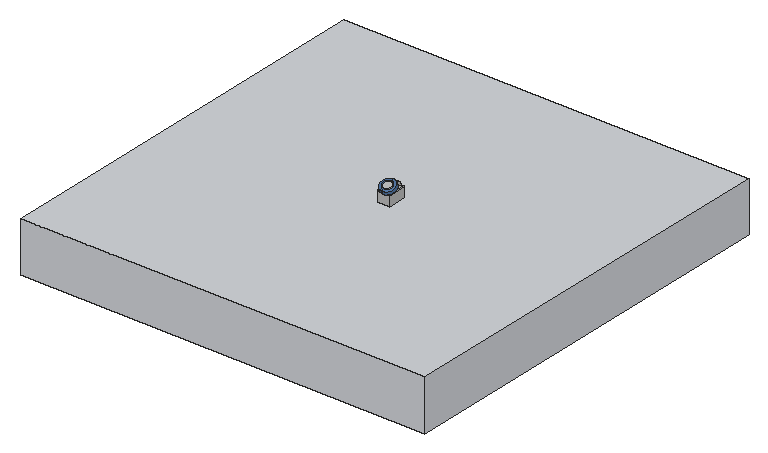
Revit family "LEGRAND_NON INTERLOCKED SOCKETS_SURFACE MOUNTED_IP66_230", category Installations électriques, Revit 2018
Family settings
  Hôte = Face
  Conserver l'orientation des annotations = Non
  Cote de connecteur circulaire = Utiliser le diamètre
  Type d'élément = Normal
  Couper avec des vides une fois chargée = Non
  Partagée = Non
  Point de calcul de pièce = Non
Parameters (values of type "panel mounting socket Hypra   IP66/67-55   16 A   200/250 V   3P+E   plast surface mounting")
  width mm = 74 mm
  vertical fixing distance mm = 70 mm
  resistance to chocks IK = "09"
  protection class IP = "IP66/67-55"
  material of box = "plastic"
  intensity A = 16 A
  horizontal fixing distance mm = 60 mm
  height mm = 106 mm
  halogen free = no
  h1 = 0.6 * height mm  # 63.6 mm
  depth mm = 106 mm
  depth for flush mounting mm = 58 mm
  dIA = Dia bouchon / 1.62  # 55.556 mm
  connecting type = "screw terminals"
  characteristic color = "blue"
  Tension V = "230 V  50/60 Hz blue"
  Standard IEC or NFC = "IEC"
  Ray = dIA / 2  # 27.778 mm
  RAY BOUCHON = Dia bouchon / 2  # 45 mm
  Position of earth h = 6
  Number of poles = 6
  Modèle = "051127"
  Minimum use temperature = "-50°C"
  Minimum installation temperature = "-20°C"
  Maximum use temperature = "100°C"
  Maximum installation temperature = "40°C"
  L2 = 45 mm  # constant formula
  General Conditions of Use = "https://export.legrand.com/en/terms-of-use-BIM-objects"
  Flush E or Surface mounting S = "flush and surface mounting"
  Fabricant = "Legrand"  # constant formula
  Elévation par défaut = 1000 mm
  Dia bouchon = 90 mm  # constant formula
  Description = "international standard socket for flush or surface mounting with accessory allows the connection of power devices"
Types (10, lengths in mm): name | width mm | vertical fixing distance mm | intensity A | horizontal fixing distance mm | height mm | h1 | depth mm | depth for flush mounting mm | Position of earth h | Number of poles | Modèle
  panel mounting socket Hypra   IP66/67-55   16 A   200/250 V   2P+E   plast surface mounting | 74 | 60 | 16 A | 52 | 106 | 63.6 | 115 | 58 | 6 | 3 | "051126"
  panel mounting socket Hypra   IP66/67-55   16 A   200/250 V   3P+E   plast surface mounting | 74 | 70 | 16 A | 60 | 106 | 63.6 | 106 | 58 | 6 | 6 | "051127"
  panel mounting socket single fixing center Hypra  IP66/67-55  32 A   200/250 V   2P+E   plast surface box for passage wiring | 102 | 70 | 32 A | 70 | 162 | 97.2 | 150 | 90 | 6 | 3 | "053046"
  panel mounting socket single fixing center Hypra  IP66/67-55  32 A   230 V   3P+E   plast surface box for passage wiring | 102 | 70 | 32 A | 70 | 162 | 97.2 | 160 | 90 | 9 | 4 | "053047"
  panel mounting socket Hypra  IP 66/67-55   63A   200/250 V   2P+E   plast surface box for passage wiring | 170 | 85 | 63 A | 77 | 300 | 180 | 215 | 150 | 6 | 3 | "059326"
  panel mounting socket Hypra  IP 66/67-55  63 A    230 V   3P+E   plast surface box for passage wiring | 170 | 85 | 63 A | 77 | 300 | 180 | 255 | 150 | 9 | 4 | "059327"
  panel mounting socket Hypra   IP 66/67-55   16 A   200 250 V   2P+E   plast surface box for passage wiring | 86 | 60 | 16 A | 52 | 182 | 109.2 | 135 | 75 | 6 | 3 | "051126"
  panel mounting socket Hypra   IP 66/67-55   16 A   200 250 V   3P+E   plast surface box for passage wiring | 86 | 70 | 16 A | 60 | 182 | 109.2 | 135 | 75 | 6 | 6 | "051127"
  panel mounting socket single fixing center Hypra  IP66/67-55  32 A   200/250 V   2P+E   plast surface mounting | 102 | 70 | 32 A | 70 | 162 | 97.2 | 160 | 90 | 6 | 3 | "053046"
  panel mounting socket single fixing center Hypra  IP66/67-55  32 A   230 V   3P+E   plast surface mounting | 102 | 70 | 32 A | 70 | 162 | 97.2 | 160 | 90 | 9 | 4 | "053047"
Reference planes
  plane 1 "Centre (avant/arrière)": y = 0
  plane 2: z = 0
  plane 3 "Centre (gauche/droite)": x = 0
  plane 4: z = 0
  plane 5: z = 106
  plane 6: x = -37
  plane 7: x = 37
  plane 8: y = 63.6
  plane 9: y = -42.4
  plane 10: z = 58
  plane 11: z = 63.5
  plane 12: x = -69
  plane 13: x = 16
Forms (mm)
  Extrusion 1, solid
    sketch origin (-29.391, 0.8, 0) x (1, 0, 0) y (0, 1, 0)
      loop
        line (-1219.2, 1219.2) -> (-1219.2, -1219.2) -> (1219.2, -1219.2) -> (1219.2, 1219.2) -> (-1219.2, 1219.2)
    from 0 to -304.8
  Extrusion 2, solid, material "Legrand - Plastique gris"
    sketch origin (0, -11.869, 90.609) x (1, 0, 0) y (0, 0.939693, 0.34202)
      loop
        circle (0, 0) r 27.778
    from 0 to -86.314
  Extrusion 3, solid, material "Legrand - Plastique gris"
    sketch origin (0, -1506.027, 58) x (0, -1, 0) y (1, 0, 0)
      loop
        line (-1569.627, -37) -> (-1463.627, -37) -> (-1463.627, 37) -> (-1569.627, 37) -> (-1569.627, -37)
    from 0 to 5.5
  Revolve 4, solid, material "Legrand - Plastique bleu"
    sketch origin (0, 0, 58) x (0, -0.34202, 0.939693) y (0, -0.939693, -0.34202)
      loop
        line (14.702, 27.778) -> (34.702, 27.778) -> (29.758, 45) -> (14.702, 45) -> (14.702, 27.778)
      axis (14.702, 0) -> (34.702, 0)
    angle from 0 to 360
  Extrusion 5, solid, material "Legrand - Plastique gris"
    sketch origin (0, 0, 0) x (0, 1, 0) y (0, 0, 1)
      loop
        line (10.613, 77.508) -> (15.712, 63.5) -> (63.6, 63.5) -> (56.319, 83.504)
        arc (56.319, 83.504) -> (51.225, 89.111) -> (43.662, 89.537) r 9.999
        line (43.662, 89.537) -> (10.613, 77.508)
    from -22.5 to 22.5
  Extrusion 6, solid, material "Legrand - Plastique gris"
    sketch origin (0, 0, 0) x (0, 1, 0) y (0, 0, 1)
      loop
        line (63.6, 58) -> (-42.4, 58) -> (-42.4, 0) -> (63.6, 0) -> (63.6, 58)
    from -37 to 37
Cuts and joins
  joined: Extrusion 2, Extrusion 3, Extrusion 5
Lines and regions (mm)
  reference lines
    curve 1: line (0, 0, 58) -> (0, -11.869, 90.609)
    curve 2: line (0, -11.869, 90.609) -> (0, -54.155, 75.218)
    curve 3: line (0, -11.869, 90.609) -> (0, 30.417, 106)
    curve 4: line (0, 0, 58) -> (0, 17.652, 9.501)
    curve 5: line (0, 17.652, 9.501) -> (0, 43.755, 19.001)
    curve 6: line (0, 17.652, 9.501) -> (0, -8.45, 0)
    curve 7: line (0, -5.028, 71.815) -> (0, -31.131, 62.315)
    curve 8: line (0, -5.028, 71.815) -> (0, 21.074, 81.316)
Dimensions and locks
  "depth mm": plane 5 to plane 4
  "height mm": plane 8 to plane 9
  equal spacing: plane 6, plane 3 "Centre (gauche/droite)", plane 7
  "width mm": plane 6 to plane 7
  "depth for flush mounting mm": plane 10 to plane 4
  equal spacing: curve 2, curve 1, curve 3
  "Dia bouchon": curve 3 to curve 2
  equal spacing: curve 5, curve 4, curve 6
  "dIA": curve 5 to curve 6
  equal spacing: curve 8, curve 1, curve 7
  "dIA": curve 7 to curve 8
  locked: curve 8 to curve 3 at 20
  "h1": plane 8 to plane 1 "Centre (avant/arrière)"
  "RAY BOUCHON": Revolve 4 sketch curve to Revolve 4 sketch curve
  locked: plane 11 to plane 10 at 5.5
  "Ray": Revolve 4 sketch curve to Revolve 4 sketch curve
  locked: Revolve 4 sketch curve to curve 2 at 4.944
  equal spacing: cut or joined group of Extrusion 2, Extrusion 3, Extrusion 5, plane 3 "Centre (gauche/droite)", cut or joined group of Extrusion 2, Extrusion 3, Extrusion 5
  "L2": cut or joined group of Extrusion 2, Extrusion 3, Extrusion 5 to cut or joined group of Extrusion 2, Extrusion 3, Extrusion 5
  locked: plane 1 "Centre (avant/arrière)" to Extrusion 5 sketch curve at 63.6
  "Ray": radius of Extrusion 2 sketch curve
  radius of Extrusion 5 sketch curve = 9.999 mm
  locked: plane 1 "Centre (avant/arrière)" to curve 1 (angle 20.00°)
  locked: curve 3 to curve 1 (angle 90.00°)
  locked: curve 1 to curve 2 (angle 90.00°)
  locked: curve 4 to plane 1 "Centre (avant/arrière)" (angle 20.00°)
  locked: curve 4 to curve 5 (angle 90.00°)
  locked: curve 6 to curve 4 (angle 90.00°)
  locked: curve 7 to curve 1 (angle 90.00°)
  locked: curve 1 to curve 8 (angle 90.00°)
  aligned and locked: plane 2 to Extrusion 1
  aligned and locked: level to Extrusion 1
  aligned and locked: plane 10 to curve 1
  aligned and locked: plane 1 "Centre (avant/arrière)" to curve 1
  aligned and locked: plane 5 to curve 3
  aligned and locked: plane 4 to curve 6
  aligned and locked: Extrusion 2 to curve 4
  aligned and locked: Extrusion 3 to plane 10
  aligned and locked: curve 7 to curve 8
  aligned and locked: Extrusion 2 to curve 1
  aligned and locked: plane 11 to Extrusion 5 sketch curve
  aligned and locked: curve 7 to Revolve 4 sketch curve
  aligned and locked: curve 8 to Extrusion 5 sketch curve
  aligned and locked: Extrusion 6 to plane 6
  aligned and locked: plane 7 to Extrusion 6
  aligned and locked: plane 2 to plane 4
Automatic sketch dimensions
  Extrusion 1 sketch curve to Extrusion 1 sketch curve = 2438.4 mm  (x2)
  Extrusion 3 sketch curve to plane 7 = 0 mm
  Extrusion 3 sketch curve to plane 8 = 0 mm
  Extrusion 3 sketch curve to plane 6 = 0 mm
  Extrusion 3 sketch curve to plane 9 = 0 mm
  Extrusion 6 sketch curve to plane 9 = 0 mm
  Extrusion 6 sketch curve to level = 0 mm
  Extrusion 6 sketch curve to plane 8 = 0 mm
  Extrusion 6 sketch curve to plane 10 = 0 mm
  Extrusion 5 sketch curve to Extrusion 5 sketch curve = 9.396 mm
  Extrusion 5 sketch curve to plane 1 "Centre (avant/arrière)" = 15.712 mm
  Extrusion 5 sketch curve to plane 5 = 16.463 mm
  Extrusion 5 sketch curve to Extrusion 5 sketch curve = 3.261 mm
  Extrusion 2 sketch curve to plane 3 "Centre (gauche/droite)" = 0 mm
  Revolve 4 sketch curve to curve 1 = 0 mm  (x4)
Connectors
  electrical at (0, 10.6, 58)
    settings: on cut or joined group of Extrusion 2, Extrusion 3, Extrusion 5, index 1, voltage 0 V, apparent load 0 VA, apparent load phase1 0 VA, apparent load phase2 0 VA, apparent load phase3 0 VA, power factor 1, load classification "Autre", number of poles 1, system type 31, power factor state 1, is connector primary yes, connector utility no, sub classification motor no, connector description ""
